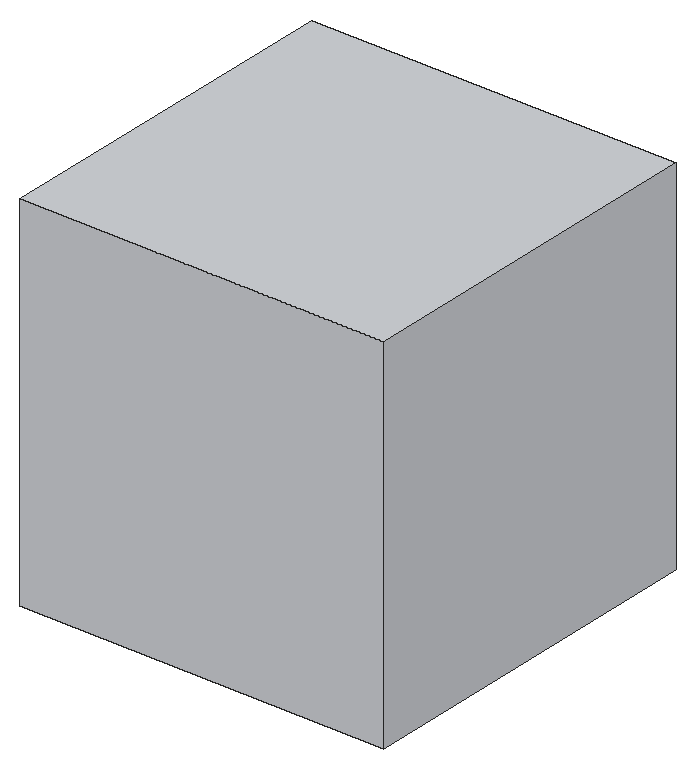
Revit family "conduit", category Electrical Equipment, Revit 2020
Family settings
  Panel Configuration = Two Columns, Circuits Across
  Round Connector Dimension = Use Radius
  Part Type = Panelboard
  OmniClass Number = 23.80.30.17.11
  OmniClass Title = Conduits
  Work Plane-Based = No
  Always vertical = Yes
  Cut with Voids When Loaded = No
  Shared = No
  Room Calculation Point = No
Parameters (values of type "標準")
  マテリア [instance] = none
  Width [instance] = 300 mm
  Height [instance] = 300 mm
  Depth [instance] = 300 mm
  Default Elevation = 0 mm
Reference planes
  plane 1 "中心(正面/背面)": y = 0
  plane 2: z = 0
  plane 3 "中心(左/右)": x = 0
  plane 4: x = 150
  plane 5: x = -150
  plane 6: y = 150
  plane 7: y = -150
  plane 8: z = 300
Forms (mm)
  Extrusion 1, solid, material <- "マテリア"
    sketch origin (0, 0, 0) x (1, 0, 0) y (0, 1, 0)
      loop
        line (-150, 150) -> (-150, -150) -> (150, -150) -> (150, 150) -> (-150, 150)
    from 0 to 300
Dimensions and locks
  equal spacing: plane 5, plane 3 "中心(左/右)", plane 4
  "Width": plane 5 to plane 4
  equal spacing: plane 7, plane 1 "中心(正面/背面)", plane 6
  "Depth": plane 7 to plane 6
  "Height": plane 8 to plane 2
  aligned and locked: plane 4 to Extrusion 1
  aligned and locked: Extrusion 1 to plane 5
  aligned and locked: Extrusion 1 to plane 6  (x2)
  aligned and locked: plane 7 to Extrusion 1  (x2)
  aligned and locked: plane 8 to Extrusion 1
Automatic sketch dimensions
  Extrusion 1 sketch curve to plane 5 = 0 mm
  Extrusion 1 sketch curve to plane 4 = 0 mm
  plane 7 to Extrusion 1 sketch curve = 0 mm
  plane 6 to Extrusion 1 sketch curve = 0 mm
